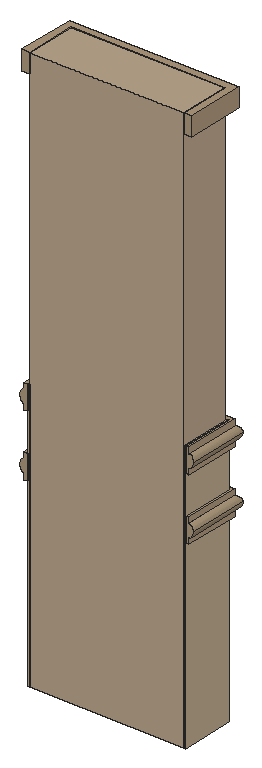
Revit family "GEN_A3-671-MIDDLE-FIRST", category Columns, Revit 2016
Family settings
  Cut with Voids When Loaded = No
  Automatically joins geometry to walls = Yes
  Shared = No
  Show family pre-cut in plan views = Yes
Parameters (values of type "646-DS-C-85")
  STEP = 85 mm
  NIB WIDTH = 690 mm
  NIB = 230 mm
  Assembly Code = ""
Reference planes
  plane 1 "Center (Front/Back)": y = 20
  plane 2: z = 3230
  plane 3 "Center (Left/Right)": x = -20
  plane 4 "Left": x = -250
  plane 5 "Right": x = 440
  plane 6 "Back": y = 250
  plane 7 "Front": y = -440
  plane 8: z = 3145
  plane 9: z = 4080
  plane 10: z = 4250
Forms (mm)
  Extrusion 1, solid, material "-WALL"
    sketch origin (0, 0, 3230) x (1, 0, 0) y (0, 1, 0)
      loop
        line (-250, 20) -> (440, 20) -> (440, 250) -> (-250, 250) -> (-250, 20)
    from -85 to 2465
  Sweep 2, solid, material "-CORBEL"
    path origin (-101.756, 0, 5695) x (1, 0, 0) y (0, 1, 0)
      loop
        line (541.756, 20) -> (541.756, 250) -> (-148.244, 250) -> (-148.244, 20)
    profile "HEADER : HEADER" origin (95, 250, 5695) x (0, -1, 0) y (0, 0, 1)
      loop
        line (0, -85) -> (0, 0) -> (-35, 0) -> (-35, -85) -> (0, -85)
  Sweep 3, solid, material "-CORBEL"
    path origin (-1690.302, 0, 4055) x (0, 1, 0) y (-1, 0, 0)
      loop
        line (20, -2140.302) -> (260, -2140.302) -> (260, -1430.302) -> (20, -1430.302)
    profile "MOKOKA wrap : MOKOKA wrap" origin (450, 140, 4055) x (-1, 0, 0) y (0, 0, 1)
      loop
        line (-15, 25) -> (-15, 0)
        arc (-15, 0) -> (-29.542, -11.972) -> (-35, -30) r 32.5
        arc (-35, -30) -> (-29.542, -48.028) -> (-15, -60) r 32.5
        line (-15, -60) -> (-15, -85) -> (0, -85) -> (0, 25) -> (-15, 25)
  Extrusion 4, solid, material "-STONE PLINTH"
    sketch origin (0, 0, 3230) x (1, 0, 0) y (0, 1, 0)
      loop
        line (-250, 250) -> (440, 250) -> (440, 20) -> (450, 20) -> (450, 260) -> (-260, 260) -> (-260, 20) -> (-250, 20) -> (-250, 250)
    from -85 to 1130
  Sweep 5, solid, material "-CORBEL"
    path origin (-1690.302, 0, 4335) x (0, 1, 0) y (-1, 0, 0)
      loop
        line (20, -2140.302) -> (260, -2140.302) -> (260, -1430.302) -> (20, -1430.302)
    profile "MOKOKA wrap : MOKOKA wrap" origin (450, 140, 4335) x (-1, 0, 0) y (0, 0, 1)
      loop
        line (-15, 25) -> (-15, 0)
        arc (-15, 0) -> (-29.542, -11.972) -> (-35, -30) r 32.5
        arc (-35, -30) -> (-29.542, -48.028) -> (-15, -60) r 32.5
        line (-15, -60) -> (-15, -85) -> (0, -85) -> (0, 25) -> (-15, 25)
Dimensions and locks
  "NIB WIDTH": plane 4 "Left" to plane 5 "Right"
  "NIB WIDTH": plane 7 "Front" to plane 6 "Back"
  "NIB": plane 1 "Center (Front/Back)" to plane 6 "Back"
  "NIB": plane 4 "Left" to plane 3 "Center (Left/Right)"
  "STEP": plane 8 to level
  level to plane 9 to plane 10 = 850 mm locked, 170 mm locked
  aligned and locked: Extrusion 1 sketch curve to plane 4 "Left"
  aligned and locked: Extrusion 1 sketch curve to plane 6 "Back"
  aligned and locked: Extrusion 1 sketch curve to plane 5 "Right"
  aligned and locked: Extrusion 1 sketch curve to plane 1 "Center (Front/Back)"
  aligned and locked: level to Extrusion 1
  aligned and locked: plane 8 to Extrusion 1
  aligned and locked: Sweep 5 to Extrusion 4
  aligned and locked: plane 9 to Sweep 3
Automatic sketch dimensions
  Extrusion 4 sketch curve to plane 1 "Center (Front/Back)" = 0 mm  (x2)
  Extrusion 4 sketch curve to plane 4 "Left" = 0 mm
  Extrusion 4 sketch curve to plane 5 "Right" = 0 mm
  Extrusion 4 sketch curve to plane 6 "Back" = 0 mm
  Extrusion 4 sketch curve to Extrusion 4 sketch curve = 10 mm
  Extrusion 4 sketch curve to plane 5 "Right" = 10 mm
  Extrusion 4 sketch curve to plane 6 "Back" = 10 mm
  Sweep 5 sketch curve to plane 1 "Center (Front/Back)" = 0 mm  (x2)
  Sweep 5 sketch curve to plane 6 "Back" = 10 mm
  Sweep 5 sketch curve to plane 5 "Right" = 10 mm
  plane 4 "Left" to Sweep 5 sketch curve = 10 mm
  Sweep 3 sketch curve to plane 1 "Center (Front/Back)" = 0 mm  (x2)
  Sweep 3 sketch curve to plane 6 "Back" = 10 mm
  Sweep 3 sketch curve to plane 5 "Right" = 10 mm
  plane 4 "Left" to Sweep 3 sketch curve = 10 mm
  Sweep 2 sketch curve to plane 4 "Left" = 0 mm
  Sweep 2 sketch curve to plane 5 "Right" = 0 mm
  Sweep 2 sketch curve to plane 1 "Center (Front/Back)" = 0 mm  (x2)
  Sweep 2 sketch curve to plane 6 "Back" = 0 mm
